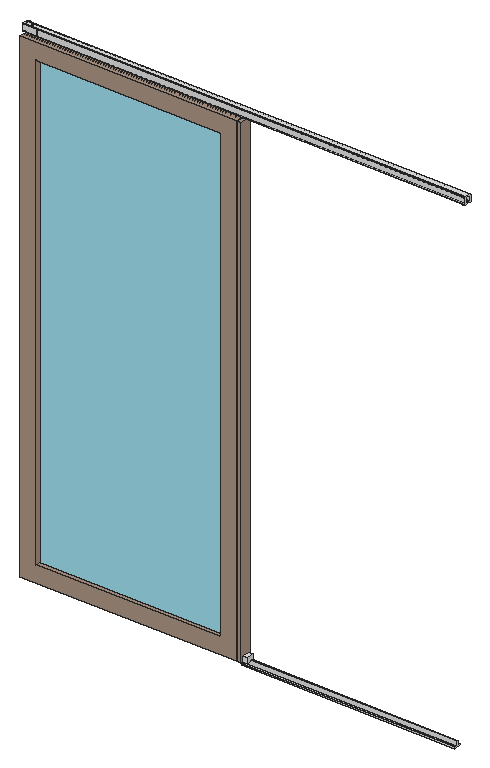
Revit family "Slido 1 Panel Pocket SP1 XRDLP", category Doors, host Wall, Revit 2016
Family settings
  Host = Wall
  Always vertical = Yes
  Cut with Voids When Loaded = No
  Shared = No
  Room Calculation Point = No
Parameters (values of type "41"x 94 3/8"")
  URL = "www.raydoor.com"
  Type Image = SP1 XRDLP.jpg
  Thickness = 2 1/4"  # constant formula
  Rough Width = 1"  # constant formula
  Rough Height = Width / 0.95349  # 43"
  Model = "SP1"
  Function = Interior
  Door Material = Door - Panel
  Panel Material = Glass, Cast, Gray
  Height = 94 3/8"
  Trim Projection Ext = 63/64"  # constant formula
  Typ = 3"  # constant formula
  Wall Closure = By host
  Width = 41"
  Assembly Code = "SP1 XRDLP"
Reference planes (in)
  plane 1: y = 0.00227
  plane 2: z = 0
  plane 3: x = 0
  plane 4: x = -20.5
  plane 5: x = 20.5
  plane 6: z = 94.375
  plane 7: x = 17.5
  plane 8: x = 19
  plane 9: x = -19
  plane 10: x = -17.5
  plane 11: y = -1.12355
  plane 12: y = 1.12645
  plane 13: x = 63.50002
  plane 14: x = 61.50002
  plane 15: z = 92.375
Forms (in)
  Extrusion 1, solid, material "Door - Panel" <- "Door Material"
    sketch origin (-58, 3.87418, 0.25) x (1, 0, 0) y (0, 0, 1)
      loop
        line (37.5, 92.125) -> (37.5, 0.375) -> (78.5, 0.375) -> (78.5, 92.125) -> (37.5, 92.125)
      loop
        line (40.5, 89.125) -> (40.5, 3.375) -> (75.5, 3.375) -> (75.5, 89.125) -> (40.5, 89.125)
    from 2.74773 to 4.99609
  Extrusion 2, solid, material "Glass, Cast, Gray" <- "Panel Material"
    sketch origin (-57.74997, -26.22787, 0.25) x (1, 0, 0) y (0, 0, 1)
      loop
        line (37.24997, 92.125) -> (37.24997, 1.25) -> (78.24998, 1.25) -> (78.24998, 92.125) -> (37.24997, 92.125)
    from -26.35104 to -26.10268
  Extrusion 3, void
    sketch origin (-58, -8.3924, -90.75) x (1, 0, 0) y (0, 0, 1)
      loop
        line (37.5, 92.25) -> (37.5, 91.375) -> (78.5, 91.375) -> (78.5, 92.25) -> (37.5, 92.25)
    from -8.51557 to -8.26721
  Extrusion 4, solid, material "UHMW, White", detail levels medium+fine
    sketch origin (69.27771, -1.73342, 0.25) x (0, 1, 0) y (0, 0, 1)
      loop
        line (1.20856, 93.875) -> (1.20856, 92.93639) -> (2.25707, 92.93639) -> (2.25707, 93.875) -> (1.20856, 93.875)
    from -89.52771 to -87.02771
  Extrusion 5, solid, material "UHMW, White"
    sketch origin (0, 40.4202, -9.0893) x (0, 1, 0) y (0, 0, 1)
      loop
        line (-40.24011, 103.37055) -> (-40.24011, 103.27372) -> (-40.18083, 103.27372) -> (-40.18083, 103.37055) -> (-40.00695, 103.37055) -> (-40.00695, 103.24091) -> (-39.87259, 103.22916) -> (-39.87259, 102.36784) -> (-39.90421, 102.24985) -> (-40.12155, 102.23084) -> (-40.12155, 102.15084) -> (-39.92364, 102.15084)
        arc (-39.92364, 102.15084) -> (-39.88175, 102.17182) -> (-39.83986, 102.15084) r 0.0523
        arc (-39.83986, 102.15084) -> (-39.81271, 102.16209) -> (-39.80146, 102.18925) r 0.0384
        line (-39.80146, 102.18925) -> (-39.80146, 103.34523) -> (-39.84098, 103.34523)
        arc (-39.84098, 103.34523) -> (-39.90618, 103.30759) -> (-39.90618, 103.38288) r 0.04347
        line (-39.90618, 103.38288) -> (-39.90618, 103.4643) -> (-40.92969, 103.4643) -> (-40.92969, 103.38288)
        arc (-40.92969, 103.38288) -> (-40.92969, 103.30759) -> (-40.99489, 103.34523) r 0.04347
        line (-40.99489, 103.34523) -> (-41.03446, 103.34523) -> (-41.03446, 102.18957)
        arc (-41.03446, 102.18957) -> (-41.02319, 102.16234) -> (-40.99595, 102.15106) r 0.03851
        arc (-40.99595, 102.15106) -> (-40.95404, 102.17193) -> (-40.91221, 102.15091) r 0.05233
        line (-40.91221, 102.15091) -> (-40.71432, 102.15091) -> (-40.71432, 102.23084) -> (-40.93166, 102.24985) -> (-40.96328, 102.36784) -> (-40.96328, 103.22916) -> (-40.82892, 103.24091) -> (-40.82892, 103.37055) -> (-40.65504, 103.37055) -> (-40.65504, 103.27372) -> (-40.59576, 103.27372) -> (-40.59576, 103.37055) -> (-40.24011, 103.37055)
    from -20.5 to 63.50002
  Extrusion 6, solid, material "UHMW, White"
    sketch origin (-92.86615, -11.16274, 94.125) x (0, -1, 0) y (1, 0, 0)
      loop
        circle (-11.16501, 73.86615) r 0.125
    from -1.75 to 0.25
  Extrusion 7, void
    sketch origin (-99, -5.41074, 0.25) x (1, 0, 0) y (0, 0, 1)
      loop
        line (119.5, -0.25) -> (162.50002, -0.25) -> (162.50002, 94.125) -> (119.5, 94.125) -> (119.5, -0.25)
    from -6.91301 to -3.91301
  Extrusion 8, void
    sketch origin (-195.25, -5.58383, 0.25) x (1, 0, 0) y (0, 0, 1)
      loop
        line (174.75, -0.25) -> (215.75, -0.25) -> (215.75, 94.125) -> (174.75, 94.125) -> (174.75, -0.25)
    from -10.08609 to -1.08609
  Extrusion 9, solid, material "UHMW, White", detail levels medium+fine
    sketch origin (128.77771, -0.50912, 0.25) x (0, 1, 0) y (0, 0, 1)
      loop
        line (1.16764, -0.25) -> (1.16764, -0.0625) -> (0.60514, -0.0625) -> (0.60514, 0.75) -> (0.41764, 0.75) -> (0.41764, -0.0625) -> (-0.14486, -0.0625) -> (-0.14486, -0.25) -> (1.16764, -0.25)
    from -107.5277 to -67.27769
  Extrusion 10, solid, material "Door - Panel" <- "Door Material"
    sketch origin (0, 1.25145, 0) x (1, 0, 0) y (0, 1, 0)
      loop
        line (20.5, -2.375) -> (21.25, -2.375) -> (21.25, -0.125) -> (20.5, -0.125) -> (20.5, -2.375)
    from 0.625 to 92.375
  Extrusion 11, solid, material "UHMW, White", detail levels medium+fine
    sketch origin (129.52771, -1.76057, 0.25) x (0, 1, 0) y (0, 0, 1)
      loop
        line (2.41909, 1.375) -> (1.10659, 1.375) -> (1.10659, 0.375) -> (1.66909, 0.375) -> (1.66909, 0.875) -> (1.85659, 0.875) -> (1.85659, 0.375) -> (2.41909, 0.375) -> (2.41909, 1.375)
    from -108.2777 to -107.2777
Cuts and joins
  Extrusion 3 cuts Extrusion 1
  Extrusion 3 cuts Extrusion 2
Lines and regions (in)
  Masking region 1
    outline origin (-7.24693, 28.29737, 0) x (1, 0, 0) y (0, 1, 0)
      loop
        line (69.49695, -29.42092) -> (69.49695, -28.95135) -> (70.49695, -28.95135) -> (70.49695, -27.63885) -> (69.49695, -27.63885) -> (69.49695, -27.17092) -> (27.74693, -27.17092) -> (27.74693, -29.42092) -> (69.49695, -29.42092)
  symbolic lines, style "Elevation Swing"
    curve 1: line (-11.4801, 0, 37.98833) -> (10.85565, 0, 37.98833)
    curve 2: line (10.9801, 0, 32.79755) -> (-10.9801, 0, 32.79755)
    curve 3: line (-11.4801, 0, 37.98833) -> (-6.28395, 0, 40.98833)
    curve 4: line (5.78395, 0, 29.79755) -> (10.9801, 0, 32.79755)
  symbolic lines, style "Plan Swing"
    curve 5: line (7.8949, -16.05138, 0) -> (-7.8949, -16.05138, 0)
    curve 6: line (-7.8949, -16.05138, 0) -> (-5.77358, -13.93006, 0)
    curve 7: line (7.8949, -17.57036, 0) -> (-7.8949, -17.57036, 0)
    curve 8: line (5.77358, -19.69168, 0) -> (7.8949, -17.57036, 0)
  model lines
    curve 9: line (-20.5, 4.50227, 0) -> (20.5, 4.50227, 0)
    curve 11: line (-20.5, -3.24773, 0) -> (20.5, -3.24773, 0)
  symbolic lines, style "Plan Swing", detail levels medium+fine
    curve 10: line (62.25002, -1.12355, 0) -> (62.25002, 1.12645, 0)
Dimensions and locks (in)
  equal spacing: plane 4, plane 3, plane 5
  "Width": plane 4 to plane 5
  "Height": plane 6 to plane 2
  equal spacing: plane 7, plane 8, plane 5, locked at 1.5 each
  "Typ": plane 7 to plane 5
  plane 9 to plane 3 to plane 8 = 19", 19"
  "Typ": Extrusion 1 sketch curve to Extrusion 1 sketch curve  (x2)
  locked: Extrusion 2 to Extrusion 2 at 0.24836
  locked: Extrusion 2 sketch curve to Extrusion 1 at 0.875
  locked: Extrusion 3 to Extrusion 3 at 0.24836
  "Typ": plane 4 to plane 10
  "Thickness": plane 12 to plane 11
  equal spacing: plane 4, plane 9, plane 10, locked at 1.5 each
  locked: Extrusion 4 to Extrusion 4 at 2.5
  locked: cut or joined group of Extrusion 2, Extrusion 3 to plane 11 at 0.99836
  "Rough Height": plane 5 to plane 13
  equal spacing: Extrusion 7, plane 1, Extrusion 7
  locked: plane 14 to plane 13 at 2
  locked: plane 4 to Extrusion 6 sketch curve at 1.625
  Extrusion 9 sketch curve to Extrusion 9 sketch curve = 3/16"
  locked: Extrusion 9 sketch curve to Extrusion 9 sketch curve at 0.5625  (x2)
  locked: Extrusion 9 sketch curve to Extrusion 9 sketch curve at 0.1875
  locked: plane 5 to Extrusion 10 sketch curve at 0.75
  locked: Extrusion 11 sketch curve to Extrusion 11 sketch curve at 1
  locked: Extrusion 11 sketch curve to Extrusion 11 sketch curve at 0.5625  (x2)
  locked: Extrusion 11 sketch curve to Extrusion 11 sketch curve at 0.1875
  locked: Extrusion 10 to Extrusion 11 at 1
  plane 14 to Masking region 1 sketch curve = 3/4"
  locked: plane 14 to Masking region 1 sketch curve at 1.75
  locked: plane 4 to Extrusion 4 at 0.25
  locked: Extrusion 6 sketch curve to plane 11 at 1.00082
  cut or joined group of Extrusion 1, Extrusion 3 to level = 5/8"
  plane 12 to plane 11 = 2 1/4"
  plane 15 to plane 6 = 2"
  Extrusion 5 to plane 6 = 1.31339"
  Extrusion 5 to Extrusion 5 = 1.233"
  diameter of Extrusion 6 sketch curve = 1/4"
  aligned and locked: plane 5 to curve 9
  aligned and locked: Extrusion 1 to Extrusion 2
  aligned and locked: Extrusion 1 to Extrusion 3
  aligned and locked: plane 4 to Extrusion 5
  aligned and locked: Masking region 1 to plane 12
  aligned and locked: Masking region 1 to plane 11
  aligned and locked: Extrusion 7 sketch curve to plane 6
  aligned and locked: Extrusion 7 to plane 13
  aligned and locked: plane 4 to Extrusion 8
  aligned and locked: host wall to Extrusion 8  (x2)
  aligned and locked: Extrusion 8 to plane 5
  aligned and locked: plane 5 to Extrusion 7
  aligned and locked: Extrusion 8 to level
  aligned and locked: Extrusion 7 sketch curve to level
  aligned and locked: plane 5 to Masking region 1
  aligned and locked: Extrusion 5 to plane 13
  aligned and locked: Extrusion 9 sketch curve to Extrusion 9 sketch curve
  aligned and locked: Extrusion 9 to plane 14
  aligned and locked: plane 5 to Extrusion 10 sketch curve
  aligned and locked: Extrusion 10 sketch curve to plane 11
  aligned and locked: cut or joined group of Extrusion 1, Extrusion 3 to Extrusion 10
  aligned and locked: Extrusion 10 to cut or joined group of Extrusion 1, Extrusion 3
  aligned and locked: Extrusion 11 to Extrusion 10
  aligned and locked: Extrusion 11 to Masking region 1 sketch curve
  aligned and locked: Masking region 1 sketch curve to Masking region 1 sketch curve
  aligned and locked: Masking region 1 sketch curve to Extrusion 11
  aligned and locked: Extrusion 11 sketch curve to cut or joined group of Extrusion 1, Extrusion 3  (x2)
  aligned and locked: cut or joined group of Extrusion 1, Extrusion 3 to plane 15
  aligned and locked: plane 12 to Extrusion 10
  aligned and locked: plane 4 to cut or joined group of Extrusion 1, Extrusion 3
  aligned and locked: plane 4 to cut or joined group of Extrusion 2, Extrusion 3
  aligned and locked: cut or joined group of Extrusion 1, Extrusion 3 to plane 10
  aligned and locked: cut or joined group of Extrusion 1, Extrusion 3 to cut or joined group of Extrusion 1, Extrusion 3
  aligned and locked: Extrusion 9 to Extrusion 10
  aligned and locked: Extrusion 6 to plane 6
Automatic sketch dimensions
  curve 3 to plane 10 = 6.0199"
  level to curve 3 = 37.98833"
  plane 7 to curve 4 = 6.5199"
  curve 1 to curve 4 = 5.19077"
  curve 3 to plane 3 = 6.28395"
  curve 3 to curve 1 = 3"
  plane 3 to curve 4 = 5.78395"
  curve 2 to curve 4 = 3"
  curve 1 to curve 2 = 1/2"
  curve 1 to curve 2 = 0.12445"
  plane 12 to curve 10 = 0"
  plane 11 to curve 10 = 0"
  curve 5 to plane 3 = 7.8949"
  plane 3 to curve 7 = 7.8949"
  host wall to curve 5 = 11.55364"
  curve 8 to curve 5 = 1.51898"
  curve 7 to curve 5 = 0"
  curve 5 to curve 6 = 2.12132"  (x2)
  curve 8 to curve 7 = 2.12132"  (x2)
  curve 5 to curve 7 = 0"
  curve 10 to plane 14 = 3/4"
  curve 9 to level = 0"
  plane 4 to curve 9 = 0"
  Masking region 1 sketch curve to plane 5 = 0"
  plane 11 to Masking region 1 sketch curve = 0"
  Masking region 1 sketch curve to plane 12 = 0"
  plane 4 to Extrusion 1 sketch curve = 0"
  plane 10 to Extrusion 1 sketch curve = 0"
  plane 7 to Extrusion 1 sketch curve = 0"
  plane 5 to Extrusion 1 sketch curve = 0"
  Extrusion 1 sketch curve to plane 15 = 0"
  level to Extrusion 1 sketch curve = 3 5/8"
  plane 4 to Extrusion 2 sketch curve = 0"
  Extrusion 2 sketch curve to plane 15 = 0"
  Extrusion 2 sketch curve to plane 5 = 0"
  plane 4 to Extrusion 3 sketch curve = 0"
  plane 5 to Extrusion 3 sketch curve = 0"
  level to Extrusion 3 sketch curve = 5/8"
  Extrusion 3 sketch curve to Extrusion 3 sketch curve = 7/8"
  host wall to Extrusion 4 sketch curve = 0.52713"
  Extrusion 4 sketch curve to host wall = 0.52138"
  Extrusion 4 sketch curve to plane 15 = 0.81139"
  plane 6 to Extrusion 4 sketch curve = 1/4"
  plane 5 to Extrusion 7 sketch curve = 0"
  plane 13 to Extrusion 7 sketch curve = 0"
  plane 4 to Extrusion 8 sketch curve = 0"
  plane 5 to Extrusion 8 sketch curve = 0"
  Extrusion 8 sketch curve to level = 0"
  Extrusion 8 sketch curve to plane 6 = 0"
  curve 11 to level = 0"
  plane 5 to curve 11 = 0"
  plane 4 to curve 11 = 0"
  Extrusion 9 sketch curve to level = 0"
  plane 11 to Extrusion 9 sketch curve = 0.46957"
  Extrusion 9 sketch curve to Extrusion 9 sketch curve = 13/16"
  Extrusion 10 sketch curve to plane 12 = 0"
  plane 11 to Extrusion 11 sketch curve = 0.46957"
  Extrusion 11 sketch curve to Extrusion 11 sketch curve = 1/2"
  Extrusion 5 sketch curve to Extrusion 5 sketch curve = 0.03851"
  Extrusion 5 sketch curve to Extrusion 5 sketch curve = 0.03957"
  Extrusion 5 sketch curve to Extrusion 5 sketch curve = 0.03268"
  Extrusion 5 sketch curve to Extrusion 5 sketch curve = 0.04182"
  Extrusion 5 sketch curve to Extrusion 5 sketch curve = 0.04347"  (x2)
  Extrusion 5 sketch curve to Extrusion 5 sketch curve = 0.06429"
  Extrusion 5 sketch curve to Extrusion 5 sketch curve = 0.04193"
  Extrusion 5 sketch curve to Extrusion 5 sketch curve = 0.10077"  (x2)
  Extrusion 5 sketch curve to Extrusion 5 sketch curve = 0.19789"
  Extrusion 5 sketch curve to Extrusion 5 sketch curve = 0.17388"  (x2)
  Extrusion 5 sketch curve to Extrusion 5 sketch curve = 0.05928"  (x2)
  Extrusion 5 sketch curve to Extrusion 5 sketch curve = 0.59276"
  Extrusion 5 sketch curve to Extrusion 5 sketch curve = 0.19792"
  Extrusion 5 sketch curve to Extrusion 5 sketch curve = 0.01943"
  Extrusion 5 sketch curve to Extrusion 5 sketch curve = 0.02173"  (x2)
  Extrusion 5 sketch curve to Extrusion 5 sketch curve = 0.04189"  (x2)
  Extrusion 5 sketch curve to Extrusion 5 sketch curve = 0.03161"
  Extrusion 5 sketch curve to Extrusion 5 sketch curve = 0.03952"
  Extrusion 5 sketch curve to Extrusion 5 sketch curve = 0.00009"
  Extrusion 5 sketch curve to Extrusion 5 sketch curve = 0.03133"
  Extrusion 5 sketch curve to Extrusion 5 sketch curve = 0.03131"
  Extrusion 5 sketch curve to Extrusion 5 sketch curve = 0.08"
  Extrusion 5 sketch curve to Extrusion 5 sketch curve = 0.07992"
  Extrusion 5 sketch curve to Extrusion 5 sketch curve = 0.06061"
  Extrusion 5 sketch curve to Extrusion 5 sketch curve = 0.06029"
  Extrusion 5 sketch curve to Extrusion 5 sketch curve = 0.11799"  (x2)
  Extrusion 5 sketch curve to Extrusion 5 sketch curve = 0.86132"
  Extrusion 5 sketch curve to Extrusion 5 sketch curve = 0.01175"  (x2)
  Extrusion 5 sketch curve to Extrusion 5 sketch curve = 0.03281"  (x2)
  Extrusion 5 sketch curve to Extrusion 5 sketch curve = 0.11608"
  Extrusion 5 sketch curve to Extrusion 5 sketch curve = 0.01232"  (x2)
  Extrusion 5 sketch curve to host wall = 0.17783"
  Extrusion 5 sketch curve to Extrusion 5 sketch curve = 0.08143"
  Extrusion 5 sketch curve to Extrusion 5 sketch curve = 0.35566"
  Extrusion 5 sketch curve to Extrusion 5 sketch curve = 0.04457"
  Extrusion 5 sketch curve to Extrusion 5 sketch curve = 0"  (x2)
  plane 6 to Extrusion 5 sketch curve = 0"
